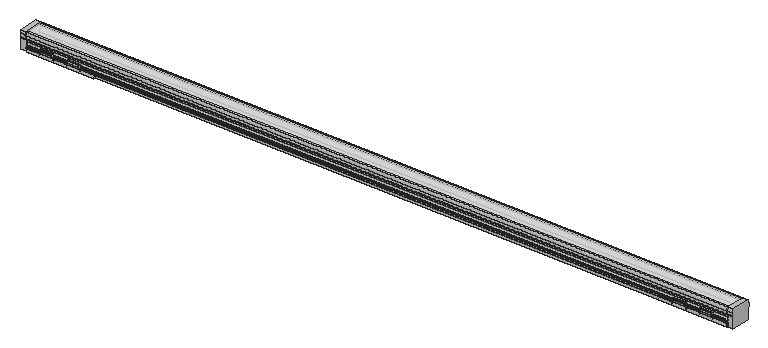
Revit family "Lighting - Luminii - Stenos - Ambient Track Module - Array", category Lighting Fixtures, host Face, Revit 2020
Family settings
  Host = Face
  Round Connector Dimension = Use Diameter
  Part Type = Normal
  OmniClass Number = 23.80.70.11.14.21
  OmniClass Title = Spots and Tracklight Specialties
  Cut with Voids When Loaded = No
  Light Source = No
  Shared = Yes
  Room Calculation Point = No
Parameters (values of type "Stenos Ambient Track - 24"")
  Width = 87/128"  # constant formula
  Wattage Comments = "5.5 W"
  Warranty URL = "https://www.luminii.com/terms-conditions/"
  Voltage Comments = "120VAC - 277VAC"  # constant formula
  Voltage = 120 V
  Version = "2020 - v1.0a"  # constant formula
  URL = "https://www.luminii.com/"
  Support Phone = "224-699-9545"  # constant formula
  Support Email = "mailto:support@bimsmith.com"
  Product Page URL = "https://www.luminii.com/product/stenos-ambient-track-module/"
  Product Name = "Stenos Ambient Module"  # constant formula
  Product Documentation Link = "https://www.luminii.com/wp-content/uploads/z_special_catalog_products/products/stenos-ambient-track-module/specsheets/Stenos-Ambient-Module-specification.pdf"
  Power Source Type = "Driver"  # constant formula
  Power Factor = 1
  Phase = 1
  Operating Temperature = "Consult Manufacturer Website for more Information"  # constant formula
  Number of Poles = if(and(or(Voltage = 120 V, Voltage = 277 V), Phase = 1), 1, if(and(or(Voltage = 208 V, Voltage = 240 V), Phase = 1), 2, if(and(or(Voltage = 208 V, Voltage = 240 V), Phase = 3), 3, if(and(Voltage > 300 V, Phase = 1), 2, if(and(Voltage > 400 V, Phase = 3), 3, 1)))))  # 1
  Mounting Method = "Surface Mount"  # constant formula
  Model = "SMA"
  Manufacturer Phone Number = "224-333-6033"  # constant formula
  Manufacturer Email = "mailto:info@luminii.com"
  Manufacturer Address = "7777 N Merrimac Ave, Niles, IL 60714"  # constant formula
  Manufacturer = "Luminii"  # constant formula
  Lumen Output = "475 lm"
  Load Classification = Lighting
  Lens Material = Plastic - Luminii - Frosted Lens
  Length Comments [instance] = "Perfomance based on 1\" Photometric Web File"  # constant formula
  Length [instance] = if(Constraints = 1, 24 97/256", 48")  # 24 97/256"
  Lamp Life = 1
  Lamp = "LED"  # constant formula
  Keynote = "26 50 00"
  Instruction Sheet Link = "https://www.luminii.com/wp-content/uploads/z_special_catalog_products/products/stenos-ambient-track-module/specsheets/Stenos-Ambient-Module-specification.pdf"
  Initial Color Comments = "Perfomance based on 3000K Photometric Web File"  # constant formula
  Housing Protection Rating = "IP20 Dry/IP66 Wet Series"  # constant formula
  Has Dimming = 1 = 1  # yes
  Has Battery Backup = 0 = 1  # no
  Frequency Comments = ""  # constant formula
  Frequency = 60 Hz
  Finish = Metal - Luminii - Silver Anodized Aluminum
  Environment = "Indoor"  # constant formula
  Description = "Track System"  # constant formula
  Depth = 169/256"  # constant formula
  Default Elevation = 0"  # constant formula
  Current Amps = 50 A
  Copyright = "©2023 Luminii"  # constant formula
  Constraints = 1
  built-in parameter 1114216 [instance] = 0  # (empty or 0)
  built-in parameter 1140040 [instance] = 1 = 1  # 1
  CCT = "3000K"
  C Lengh Mid [instance] = Length / 2  # 12.18945"
  C LED Number [instance] = Length / 1"  # 24
  C End Caps Width = 23" / 128  # 23/128"
  C 48in = Constraints = 2  # no
  C 24in = Constraints = 1  # yes
  Assembly Code = "D5020230"
  Apparent Load = 5.5 VA
Types (2): name | Wattage Comments | Lumen Output | Length | Constraints | C Lengh Mid | C LED Number | C 48in | C 24in | Apparent Load
  Stenos Ambient Track - 24" | "5.5 W" | "475 lm" | 24 97/256" | 1 | 12.18945" | 24 | no | yes | 5.5 VA
  Stenos Ambient Track - 48" | "11 W" | "950 lm" | 48" | 2 | 24" | 48 | yes | no | 11 VA
Reference planes (in)
  plane 1 "Center (Front/Back)": y = 0
  plane 2: z = 0
  plane 3 "Center (Left/Right)": x = 0
  plane 4: x = -12.18945
  plane 5: x = 12.18945
  plane 6: y = 0.33984
  plane 7: y = -0.33984
  plane 8: z = 0.66124
  plane 9: x = -12.00977
  plane 10: x = 12.00977
Forms (in)
  Extrusion 1, solid, material "Metal - Luminii - Silver Anodized Aluminum", not visible
    sketch origin (0, 0, 0) x (1, 0, 0) y (0, 1, 0)
      loop
        circle (0, 0) r 0.5
    from 0 to -0.17225
Lines and regions (in)
  reference lines
    curve 1: line (-12.18945, 10.16716, 0) -> (-12.18945, -5.83284, 0)
    curve 2: line (12.18945, 10.16716, 0) -> (12.18945, -5.83284, 0)
Dimensions and locks (in)
  equal spacing: plane 4, plane 3 "Center (Left/Right)", plane 5
  equal spacing: plane 6, plane 1 "Center (Front/Back)", plane 7
  "Width": plane 6 to plane 7
  "C End Caps Width": plane 10 to plane 5
  "C End Caps Width": plane 4 to plane 9
  equal spacing: group 1, group 3, group 4, group 5, group 6, group 7, group 8, group 9, group 10, group 11, group 12, group 13, group 14, group 15, group 16, group 17, group 18, group 19, group 20, group 21, group 22, group 23, group 24, group 2  (x3)
  "C Lengh Mid": plane 4 to plane 3 "Center (Left/Right)"
  "C Lengh Mid": plane 3 "Center (Left/Right)" to plane 5
  equal spacing: curve 1, plane 3 "Center (Left/Right)", curve 2
  "Length": curve 1 to curve 2
  aligned and locked: plane 2 to host face
  aligned and locked: plane 3 "Center (Left/Right)" to Extrusion 1 sketch curve
  aligned and locked: plane 1 "Center (Front/Back)" to Extrusion 1 sketch curve
  aligned and locked: plane 2 to Extrusion 1  (x2)
  aligned and locked: plane 2 to nested 1
  aligned and locked: plane 1 "Center (Front/Back)" to nested 1
  aligned and locked: plane 2 to nested 2
  aligned and locked: plane 1 "Center (Front/Back)" to nested 2
  aligned and locked: plane 3 "Center (Left/Right)" to nested 4
  aligned and locked: plane 1 "Center (Front/Back)" to nested 4
  aligned and locked: plane 3 "Center (Left/Right)" to nested 3
  aligned and locked: plane 1 "Center (Front/Back)" to nested 3
  aligned and locked: nested 1 to curve 1
  aligned and locked: nested 2 to curve 2
Automatic sketch dimensions
  host sketch curve to host sketch curve = 96"  (x2)
  curve 1 to plane 7 = 5.49299"
  curve 2 to plane 7 = 5.49299"
  plane 6 to curve 2 = 9.82732"
  plane 6 to curve 1 = 9.82732"
  radius of Extrusion 1 sketch curve = 1/2"
Nested families (in)
  nested 1: "Lighting - Luminii - Stenos - Ambient Track Module - Nested Light Source" at (-11.68945, 0, 0), type "Default"
    with Length Comments "Perfomance based on 1\" Photometric Web File", Length 1", built-in parameter 1114216 (empty or 0), built-in parameter 1140040 1
  nested 2: "Lighting - Luminii - Stenos - Ambient Track Module - Nested Light Source" at (11.68945, 0, 0), type "Default"
    with Length Comments "Perfomance based on 1\" Photometric Web File", Length 1", built-in parameter 1114216 (empty or 0), built-in parameter 1140040 1
  nested 3: "Nested Light Geometry 48"" at (0, 0, 0), visible <- "C 48in", type "Default"
    with Length Comments "Perfomance based on 1\" Photometric Web File", Length 48", built-in parameter 1114216 (empty or 0), built-in parameter 1140040 1, C Lengh Mid 24", C LED Number 48
  nested 4: "Nested Light Geometry 24"" at (0, 0, 0), visible <- "C 24in", type "Default"
    with Length Comments "Perfomance based on 1\" Photometric Web File", Length 24 97/256", built-in parameter 1114216 (empty or 0), built-in parameter 1140040 1, C Lengh Mid 12.18945", C LED Number 24
  nested 5: "Lighting - Luminii - Stenos - Ambient Track Module - Nested Light Source" at (-10.67298, 0, 0), type "Default"
    with Length Comments "Perfomance based on 1\" Photometric Web File", Length 1", built-in parameter 1114216 (empty or 0), built-in parameter 1140040 1
  nested 6: "Lighting - Luminii - Stenos - Ambient Track Module - Nested Light Source" at (-9.6565, 0, 0), type "Default"
    with Length Comments "Perfomance based on 1\" Photometric Web File", Length 1", built-in parameter 1114216 (empty or 0), built-in parameter 1140040 1
  nested 7: "Lighting - Luminii - Stenos - Ambient Track Module - Nested Light Source" at (-8.64003, 0, 0), type "Default"
    with Length Comments "Perfomance based on 1\" Photometric Web File", Length 1", built-in parameter 1114216 (empty or 0), built-in parameter 1140040 1
  nested 8: "Lighting - Luminii - Stenos - Ambient Track Module - Nested Light Source" at (-7.62356, 0, 0), type "Default"
    with Length Comments "Perfomance based on 1\" Photometric Web File", Length 1", built-in parameter 1114216 (empty or 0), built-in parameter 1140040 1
  nested 9: "Lighting - Luminii - Stenos - Ambient Track Module - Nested Light Source" at (-6.60708, 0, 0), type "Default"
    with Length Comments "Perfomance based on 1\" Photometric Web File", Length 1", built-in parameter 1114216 (empty or 0), built-in parameter 1140040 1
  nested 10: "Lighting - Luminii - Stenos - Ambient Track Module - Nested Light Source" at (-5.59061, 0, 0), type "Default"
    with Length Comments "Perfomance based on 1\" Photometric Web File", Length 1", built-in parameter 1114216 (empty or 0), built-in parameter 1140040 1
  nested 11: "Lighting - Luminii - Stenos - Ambient Track Module - Nested Light Source" at (-4.57413, 0, 0), type "Default"
    with Length Comments "Perfomance based on 1\" Photometric Web File", Length 1", built-in parameter 1114216 (empty or 0), built-in parameter 1140040 1
  nested 12: "Lighting - Luminii - Stenos - Ambient Track Module - Nested Light Source" at (-3.55766, 0, 0), type "Default"
    with Length Comments "Perfomance based on 1\" Photometric Web File", Length 1", built-in parameter 1114216 (empty or 0), built-in parameter 1140040 1
  nested 13: "Lighting - Luminii - Stenos - Ambient Track Module - Nested Light Source" at (-2.54119, 0, 0), type "Default"
    with Length Comments "Perfomance based on 1\" Photometric Web File", Length 1", built-in parameter 1114216 (empty or 0), built-in parameter 1140040 1
  nested 14: "Lighting - Luminii - Stenos - Ambient Track Module - Nested Light Source" at (-1.52471, 0, 0), type "Default"
    with Length Comments "Perfomance based on 1\" Photometric Web File", Length 1", built-in parameter 1114216 (empty or 0), built-in parameter 1140040 1
  nested 15: "Lighting - Luminii - Stenos - Ambient Track Module - Nested Light Source" at (-0.50824, 0, 0), type "Default"
    with Length Comments "Perfomance based on 1\" Photometric Web File", Length 1", built-in parameter 1114216 (empty or 0), built-in parameter 1140040 1
  nested 16: "Lighting - Luminii - Stenos - Ambient Track Module - Nested Light Source" at (0.50824, 0, 0), type "Default"
    with Length Comments "Perfomance based on 1\" Photometric Web File", Length 1", built-in parameter 1114216 (empty or 0), built-in parameter 1140040 1
  nested 17: "Lighting - Luminii - Stenos - Ambient Track Module - Nested Light Source" at (1.52471, 0, 0), type "Default"
    with Length Comments "Perfomance based on 1\" Photometric Web File", Length 1", built-in parameter 1114216 (empty or 0), built-in parameter 1140040 1
  nested 18: "Lighting - Luminii - Stenos - Ambient Track Module - Nested Light Source" at (2.54119, 0, 0), type "Default"
    with Length Comments "Perfomance based on 1\" Photometric Web File", Length 1", built-in parameter 1114216 (empty or 0), built-in parameter 1140040 1
  nested 19: "Lighting - Luminii - Stenos - Ambient Track Module - Nested Light Source" at (3.55766, 0, 0), type "Default"
    with Length Comments "Perfomance based on 1\" Photometric Web File", Length 1", built-in parameter 1114216 (empty or 0), built-in parameter 1140040 1
  nested 20: "Lighting - Luminii - Stenos - Ambient Track Module - Nested Light Source" at (4.57413, 0, 0), type "Default"
    with Length Comments "Perfomance based on 1\" Photometric Web File", Length 1", built-in parameter 1114216 (empty or 0), built-in parameter 1140040 1
  nested 21: "Lighting - Luminii - Stenos - Ambient Track Module - Nested Light Source" at (5.59061, 0, 0), type "Default"
    with Length Comments "Perfomance based on 1\" Photometric Web File", Length 1", built-in parameter 1114216 (empty or 0), built-in parameter 1140040 1
  nested 22: "Lighting - Luminii - Stenos - Ambient Track Module - Nested Light Source" at (6.60708, 0, 0), type "Default"
    with Length Comments "Perfomance based on 1\" Photometric Web File", Length 1", built-in parameter 1114216 (empty or 0), built-in parameter 1140040 1
  nested 23: "Lighting - Luminii - Stenos - Ambient Track Module - Nested Light Source" at (7.62356, 0, 0), type "Default"
    with Length Comments "Perfomance based on 1\" Photometric Web File", Length 1", built-in parameter 1114216 (empty or 0), built-in parameter 1140040 1
  nested 24: "Lighting - Luminii - Stenos - Ambient Track Module - Nested Light Source" at (8.64003, 0, 0), type "Default"
    with Length Comments "Perfomance based on 1\" Photometric Web File", Length 1", built-in parameter 1114216 (empty or 0), built-in parameter 1140040 1
  nested 25: "Lighting - Luminii - Stenos - Ambient Track Module - Nested Light Source" at (9.6565, 0, 0), type "Default"
    with Length Comments "Perfomance based on 1\" Photometric Web File", Length 1", built-in parameter 1114216 (empty or 0), built-in parameter 1140040 1
  nested 26: "Lighting - Luminii - Stenos - Ambient Track Module - Nested Light Source" at (10.67298, 0, 0), type "Default"
    with Length Comments "Perfomance based on 1\" Photometric Web File", Length 1", built-in parameter 1114216 (empty or 0), built-in parameter 1140040 1
Connectors (in)
  electrical at (0, 0, 0), driven by "Number of Poles", driven by "Load Classification", driven by "Voltage", driven by "Apparent Load", driven by "Power Factor"
    settings: on Extrusion 1, index 1, voltage 120 V, apparent load 5.5 VA, apparent load phase1 0 VA, apparent load phase2 0 VA, apparent load phase3 0 VA, power factor 1, load classification "Lighting", number of poles 1, system type 30, power factor state 1, is connector primary yes, connector utility no, sub classification motor no, connector description "Power Connection"
Definition of nested family "Nested Light Geometry 48""
  Parameters (values of type "Default")
    Width = 87/128"  # constant formula
    Wattage Comments = "5.5 W"
    Warranty URL = "https://www.luminii.com/terms-conditions/"
    Voltage Comments = "120VAC - 277VAC"  # constant formula
    Voltage = 120 V
    Version = "2020 - v1.0a"  # constant formula
    URL = "https://www.luminii.com/"
    Support Phone = "224-699-9545"  # constant formula
    Support Email = "mailto:support@bimsmith.com"
    Product Page URL = "https://www.luminii.com/product/stenos-ambient-track-module/"
    Product Name = "Stenos Ambient Module"  # constant formula
    Product Documentation Link = "https://www.luminii.com/wp-content/uploads/z_special_catalog_products/products/stenos-ambient-track-module/specsheets/Stenos-Ambient-Module-specification.pdf"
    Power Source Type = "Driver"  # constant formula
    Power Factor = 1
    Phase = 1
    Operating Temperature = "Consult Manufacturer Website for more Information"  # constant formula
    Number of Poles = if(and(or(Voltage = 120 V, Voltage = 277 V), Phase = 1), 1, if(and(or(Voltage = 208 V, Voltage = 240 V), Phase = 1), 2, if(and(or(Voltage = 208 V, Voltage = 240 V), Phase = 3), 3, if(and(Voltage > 300 V, Phase = 1), 2, if(and(Voltage > 400 V, Phase = 3), 3, 1)))))  # 1
    Mounting Method = "Surface Mount"  # constant formula
    Model = "SMA"
    Manufacturer Phone Number = "224-333-6033"  # constant formula
    Manufacturer Email = "mailto:info@luminii.com"
    Manufacturer Address = "7777 N Merrimac Ave, Niles, IL 60714"  # constant formula
    Manufacturer = "Luminii"  # constant formula
    Lumen Output = "475 lm"
    Load Classification = none
    Lens Material = none
    Length Comments [instance] = "Perfomance based on 1\" Photometric Web File"  # constant formula
    Length [instance] = if(Constraints = 1, 24 97/256", 48")  # 48"
    Lamp Life = 1
    Lamp = "LED"  # constant formula
    Keynote = "26 50 00"
    Instruction Sheet Link = "https://www.luminii.com/wp-content/uploads/z_special_catalog_products/products/stenos-ambient-track-module/specsheets/Stenos-Ambient-Module-specification.pdf"
    Initial Color Comments = "Perfomance based on 3000K Photometric Web File"  # constant formula
    Housing Protection Rating = "IP20 Dry/IP66 Wet Series"  # constant formula
    Has Dimming = 1 = 1  # yes
    Has Battery Backup = 0 = 1  # no
    Frequency Comments = ""  # constant formula
    Frequency = 60 Hz
    Finish = none
    Environment = "Indoor"  # constant formula
    Description = "Track System"  # constant formula
    Depth = 169/256"  # constant formula
    Default Elevation = 0"  # constant formula
    Current Amps = 50 A
    Copyright = "©2023 Luminii"  # constant formula
    Constraints = 2
    built-in parameter 1114216 [instance] = 0  # (empty or 0)
    built-in parameter 1140040 [instance] = 1 = 1  # 1
    CCT = "3000K"
    C Lengh Mid [instance] = Length / 2  # 24"
    C LED Number [instance] = Length / 1"  # 48
    C End Caps Width = 23" / 128  # 23/128"
    Assembly Code = "D5020230"
    Apparent Load = 5.5 VA
  Reference planes (in)
    plane 1 "Center (Front/Back)": y = 0
    plane 2: z = 0
    plane 3 "Center (Left/Right)": x = 0
    plane 4: x = -24
    plane 5: x = 24
    plane 6: y = 0.33984
    plane 7: y = -0.33984
    plane 8: z = 0.66124
    plane 9: x = -23.82031
    plane 10: x = 23.82031
  Forms (in)
    Extrusion 1, solid
      sketch origin (0, 0, 0) x (1, 0, 0) y (0, 1, 0)
        loop
          line (-48, 48) -> (-48, -48) -> (48, -48) -> (48, 48) -> (-48, 48)
      from 0 to -12
    Extrusion 2, solid, not visible
      sketch origin (0, 0, 0) x (1, 0, 0) y (0, 1, 0)
        loop
          circle (0, 0) r 0.5
      from 0 to -0.17225
    Sweep 3, solid, material <- "Finish"
      path origin (0, 0, 0) x (1, 0, 0) y (0, 1, 0)
        loop
          line (-23.82031, 0) -> (23.82031, 0)
      profile origin (0, 0, 0) x (0, 1, 0) y (0, 0, 1)
        loop
          line (0.26322, 0.66124) -> (0.2525, 0.62124) -> (0.2975, 0.62124) -> (0.2975, 0.58624) -> (0.2525, 0.58624) -> (0.244, 0.39156) -> (0.244, 0.22524) -> (-0.244, 0.22524) -> (-0.244, 0.39156) -> (-0.2525, 0.58624) -> (-0.2975, 0.58624) -> (-0.2975, 0.62124) -> (-0.2525, 0.62124) -> (-0.26322, 0.66124) -> (-0.318, 0.66124)
          arc (-0.318, 0.66124) -> (-0.33482, 0.60709) -> (-0.3405, 0.55066) r 0.283
          line (-0.3405, 0.55066) -> (-0.3405, 0.45124) -> (-0.3065, 0.39235) -> (-0.3065, 0.32615)
          arc (-0.3065, 0.32615) -> (-0.28227, 0.28497) -> (-0.3065, 0.2438) r 0.0471
          line (-0.3065, 0.2438) -> (-0.3065, 0.21001) -> (-0.2695, 0.16124) -> (-0.2695, 0.12179) -> (-0.3065, 0.12179) -> (-0.3065, 0.04724) -> (0.3065, 0.04724) -> (0.3065, 0.12179) -> (0.2695, 0.12179) -> (0.2695, 0.16124) -> (0.3065, 0.21001) -> (0.3065, 0.2438)
          arc (0.3065, 0.2438) -> (0.28227, 0.28497) -> (0.3065, 0.32615) r 0.0471
          line (0.3065, 0.32615) -> (0.3065, 0.39235) -> (0.3405, 0.45124) -> (0.3405, 0.55066)
          arc (0.3405, 0.55066) -> (0.33482, 0.60709) -> (0.318, 0.66124) r 0.283
          line (0.318, 0.66124) -> (0.26322, 0.66124)
    Sweep 4, solid, material <- "Lens Material"
      path origin (0, 0, 0) x (1, 0, 0) y (0, 1, 0)
        loop
          line (-23.82031, 0) -> (23.82031, 0)
      profile origin (0, 0, 0) x (0, 1, 0) y (0, 0, 1)
        loop
          line (-0.25533, 0.60624) -> (0.25533, 0.60624) -> (0.2875, 0.62124) -> (-0.2875, 0.62124) -> (-0.25533, 0.60624)
    Sweep 5, solid, material <- "Finish"
      path origin (0, 0, 0) x (1, 0, 0) y (0, 1, 0)
        loop
          line (-23.82031, 0) -> (-24, 0)
      profile origin (-23.91016, 0, 0) x (0, -1, 0) y (0, 0, 1)
        loop
          arc (-0.318, 0.66124) -> (-0.33482, 0.60709) -> (-0.3405, 0.55066) r 0.283
          line (-0.3405, 0.55066) -> (-0.3405, 0.45124) -> (-0.3065, 0.39235) -> (-0.3065, 0.04724) -> (0.3065, 0.04724) -> (0.3065, 0.39235) -> (0.3405, 0.45124) -> (0.3405, 0.55066)
          arc (0.3405, 0.55066) -> (0.33482, 0.60709) -> (0.318, 0.66124) r 0.283
          line (0.318, 0.66124) -> (-0.318, 0.66124)
    Sweep 6, solid, material <- "Finish"
      path origin (0, 0, 0) x (-1, 0, 0) y (0, 1, 0)
        loop
          line (-23.82031, 0) -> (-24, 0)
      profile origin (23.91016, 0, 0) x (0, 1, 0) y (0, 0, 1)
        loop
          arc (-0.318, 0.66124) -> (-0.33482, 0.60709) -> (-0.3405, 0.55066) r 0.283
          line (-0.3405, 0.55066) -> (-0.3405, 0.45124) -> (-0.3065, 0.39235) -> (-0.3065, 0.04724) -> (0.3065, 0.04724) -> (0.3065, 0.39235) -> (0.3405, 0.45124) -> (0.3405, 0.55066)
          arc (0.3405, 0.55066) -> (0.33482, 0.60709) -> (0.318, 0.66124) r 0.283
          line (0.318, 0.66124) -> (-0.318, 0.66124)
  Dimensions and locks (in)
    equal spacing: plane 4, plane 3 "Center (Left/Right)", plane 5
    equal spacing: plane 6, plane 1 "Center (Front/Back)", plane 7
    "Width": plane 6 to plane 7
    "C End Caps Width": plane 10 to plane 5
    "C End Caps Width": plane 4 to plane 9
    locked: plane 4 to nested 1 at 0.19691
    locked: nested 2 to plane 5 at 0.19691
    "Length": plane 4 to plane 5
    aligned and locked: plane 2 to Extrusion 1
    aligned and locked: plane 3 "Center (Left/Right)" to Extrusion 2 sketch curve
    aligned and locked: plane 1 "Center (Front/Back)" to Extrusion 2 sketch curve
    aligned and locked: plane 2 to Extrusion 2  (x2)
    aligned and locked: plane 9 to Sweep 3 sketch curve
    aligned and locked: plane 1 "Center (Front/Back)" to Sweep 3 sketch curve
    aligned and locked: plane 10 to Sweep 3 sketch curve
    aligned and locked: plane 1 "Center (Front/Back)" to Sweep 4 sketch curve
    aligned and locked: plane 10 to Sweep 4 sketch curve
    aligned and locked: plane 9 to Sweep 4 sketch curve
    aligned and locked: Sweep 5 sketch curve to plane 1 "Center (Front/Back)"
    aligned and locked: plane 9 to Sweep 5 sketch curve
    aligned and locked: plane 4 to Sweep 5 sketch curve
    aligned and locked: plane 10 to Sweep 6 sketch curve
    aligned and locked: plane 5 to Sweep 6 sketch curve
    aligned and locked: plane 1 "Center (Front/Back)" to Sweep 6 sketch curve
    aligned and locked: plane 1 "Center (Front/Back)" to nested 1
    aligned and locked: nested 2 to plane 1 "Center (Front/Back)"
  Automatic sketch dimensions
    Extrusion 1 sketch curve to Extrusion 1 sketch curve = 96"  (x2)
    profile plane to Sweep 5 sketch curve = 0.3405"
    Sweep 5 sketch curve to Sweep 5 sketch curve = 0.0225"
    Sweep 5 sketch curve to Sweep 5 sketch curve = 0.034"  (x2)
    profile plane to Sweep 5 sketch curve = 0.0575"
    Sweep 5 sketch curve to profile plane = 0.0575"
    level to Sweep 5 sketch curve = 0.04724"
    Sweep 5 sketch curve to profile plane = 0.3065"
    Sweep 5 sketch curve to Sweep 5 sketch curve = 0.0115"
    Sweep 5 sketch curve to Sweep 5 sketch curve = 0.34511"  (x2)
    Sweep 5 sketch curve to Sweep 5 sketch curve = 0.05889"  (x2)
    Sweep 5 sketch curve to Sweep 5 sketch curve = 0.09942"
    profile plane to Sweep 6 sketch curve = 0.3405"
    Sweep 6 sketch curve to Sweep 6 sketch curve = 0.0225"
    Sweep 6 sketch curve to Sweep 6 sketch curve = 0.034"  (x2)
    profile plane to Sweep 6 sketch curve = 0.0575"
    Sweep 6 sketch curve to profile plane = 0.0575"
    Sweep 6 sketch curve to Sweep 6 sketch curve = 0.249"
    Sweep 6 sketch curve to Sweep 6 sketch curve = 0.0115"
    level to Sweep 6 sketch curve = 0.04724"
    Sweep 6 sketch curve to Sweep 6 sketch curve = 0.34511"  (x2)
    Sweep 6 sketch curve to Sweep 6 sketch curve = 0.05889"  (x2)
    Sweep 6 sketch curve to Sweep 6 sketch curve = 0.09942"
    profile plane to Sweep 4 sketch curve = 0.2875"
    Sweep 4 sketch curve to Sweep 4 sketch curve = 0.03217"  (x2)
    Sweep 4 sketch curve to profile plane = 0.2875"
    level to Sweep 4 sketch curve = 0.60624"
    Sweep 4 sketch curve to Sweep 4 sketch curve = 0.015"
    profile plane to Sweep 3 sketch curve = 0.3405"
    Sweep 3 sketch curve to Sweep 3 sketch curve = 0.01113"
    Sweep 3 sketch curve to Sweep 3 sketch curve = 0.0225"
    Sweep 3 sketch curve to Sweep 3 sketch curve = 0.02287"  (x4)
    Sweep 3 sketch curve to Sweep 3 sketch curve = 0.0205"  (x2)
    Sweep 3 sketch curve to Sweep 3 sketch curve = 0.037"  (x2)
    Sweep 3 sketch curve to Sweep 3 sketch curve = 0.03428"
    Sweep 3 sketch curve to Sweep 3 sketch curve = 0.045"  (x2)
    Sweep 3 sketch curve to Sweep 3 sketch curve = 0"  (x3)
    Sweep 3 sketch curve to Sweep 3 sketch curve = 1/16"  (x3)
    profile plane to Sweep 3 sketch curve = 0.0575"
    Sweep 3 sketch curve to profile plane = 0.0575"
    Sweep 3 sketch curve to profile plane = 0.244"
    Sweep 3 sketch curve to Sweep 3 sketch curve = 0.0085"
    Sweep 3 sketch curve to Sweep 3 sketch curve = 0.01072"
    Sweep 3 sketch curve to Sweep 3 sketch curve = 0.0255"
    Sweep 3 sketch curve to Sweep 3 sketch curve = 0.043"
    level to Sweep 3 sketch curve = 0.04724"
    Sweep 3 sketch curve to Sweep 3 sketch curve = 0.07454"  (x2)
    Sweep 3 sketch curve to Sweep 3 sketch curve = 0.03946"  (x2)
    Sweep 3 sketch curve to Sweep 3 sketch curve = 0.04876"  (x2)
    Sweep 3 sketch curve to Sweep 3 sketch curve = 0.01524"
    Sweep 3 sketch curve to Sweep 3 sketch curve = 0.03379"  (x2)
    Sweep 3 sketch curve to Sweep 3 sketch curve = 0.04117"  (x2)
    Sweep 3 sketch curve to Sweep 3 sketch curve = 0.06541"  (x2)
    Sweep 3 sketch curve to Sweep 3 sketch curve = 0.00079"  (x2)
    Sweep 3 sketch curve to Sweep 3 sketch curve = 0.05889"  (x2)
    Sweep 3 sketch curve to Sweep 3 sketch curve = 0.1591"
    Sweep 3 sketch curve to Sweep 3 sketch curve = 0.075"  (x2)
    Sweep 3 sketch curve to Sweep 3 sketch curve = 0.035"  (x2)
    radius of Extrusion 2 sketch curve = 1/2"
  Nested families (in)
    nested 1: "Family1" at (-21.48026, 0, 0) x (0, -1, 0) z (0, 0, 1), type "Family1"
    nested 2: "Family1" at (21.48026, 0, 0) x (0, -1, 0) z (0, 0, 1), type "Family1"
  Connectors (in)
    electrical at (0, 0, 0), driven by "Number of Poles", driven by "Load Classification", driven by "Voltage", driven by "Apparent Load", driven by "Power Factor"
      settings: on Extrusion 2, index 1, voltage 120 V, apparent load 5.5 VA, apparent load phase1 0 VA, apparent load phase2 0 VA, apparent load phase3 0 VA, power factor 1, load classification none, number of poles 1, system type 30, power factor state 1, is connector primary yes, connector utility no, sub classification motor no, connector description "Power Connection"
  Definition of nested family "Family1"
    Parameters
      Finish = none
      Default Elevation = 0"
    Reference planes (in)
      plane 1 "Center (Front/Back)": y = 0
      plane 2: z = 0
      plane 3 "Center (Left/Right)": x = 0
    Forms (in)
      Extrusion 1, void
        sketch origin (0, 0, 0) x (0, 1, 0) y (0, 0, 1)
          loop
            line (0, 0.0374) -> (0, 0.16908) -> (-0.44488, 0.16908) -> (-0.44488, 0.12355)
            arc (-0.44488, 0.12355) -> (-0.46457, 0.10387) -> (-0.48425, 0.12355) r 0.01969
            line (-0.48425, 0.12355) -> (-0.48425, 0.28999) -> (-0.90945, 0.28999) -> (-0.90945, 0.12355)
            arc (-0.90945, 0.12355) -> (-0.92913, 0.10387) -> (-0.94882, 0.12355) r 0.01969
            line (-0.94882, 0.12355) -> (-0.94882, 0.16908) -> (-1.37402, 0.16908) -> (-1.37402, 0.12355)
            arc (-1.37402, 0.12355) -> (-1.3937, 0.10387) -> (-1.41339, 0.12355) r 0.01969
            line (-1.41339, 0.12355) -> (-1.41339, 0.28999) -> (-1.83858, 0.28999) -> (-1.83858, 0.12355)
            arc (-1.83858, 0.12355) -> (-1.85827, 0.10387) -> (-1.87795, 0.12355) r 0.01969
            line (-1.87795, 0.12355) -> (-1.87795, 0.16908) -> (-2.32283, 0.16908) -> (-2.32283, 0.0374) -> (0, 0.0374)
          loop
            line (0.17766, 0.5916) -> (-2.4694, 0.5916) -> (-2.4694, -0.1584) -> (0.17766, -0.1584) -> (0.17766, 0.5916)
        from -0.94477 to 0.67551
      Extrusion 2, solid, material <- "Finish"
        sketch origin (0, 0, 0) x (1, 0, 0) y (0, 0, 1)
          loop
            line (-0.30328, 0.30445) -> (-0.33166, 0.28999) -> (-0.355, 0.26665)
            arc (-0.355, 0.26665) -> (-0.36382, 0.24389) -> (-0.36167, 0.21958) r 0.05378
            line (-0.36167, 0.21958) -> (-0.31806, 0.14404) -> (-0.32552, 0.0374) -> (0.32552, 0.0374) -> (0.31806, 0.14404) -> (0.36167, 0.21958)
            arc (0.36167, 0.21958) -> (0.36382, 0.24389) -> (0.355, 0.26665) r 0.05378
            line (0.355, 0.26665) -> (0.33166, 0.28999) -> (0.30328, 0.30445) -> (0.34804, 0.2597)
            arc (0.34804, 0.2597) -> (0.35449, 0.2387) -> (0.34906, 0.21741) r 0.04062
            line (0.34906, 0.21741) -> (0.30803, 0.14636) -> (0.31496, 0.04724) -> (-0.31496, 0.04724) -> (-0.30803, 0.14636) -> (-0.34906, 0.21741)
            arc (-0.34906, 0.21741) -> (-0.35449, 0.2387) -> (-0.34804, 0.2597) r 0.04062
            line (-0.34804, 0.2597) -> (-0.30328, 0.30445)
        from 0 to 2.32283
      Extrusion 3, solid, material <- "Finish"
        sketch origin (-0.31945, 0, 0.0374) x (0, -1, 0) y (-1, 0, 0)
          loop
            line (1.90977, -0.54614) -> (1.90977, -0.09275) -> (1.73196, -0.09275) -> (1.73196, -0.54614) -> (1.90977, -0.54614)
        from 0 to 0.0374
      Extrusion 4, solid, material <- "Finish"
        sketch origin (-0.31945, 0, 0.0374) x (0, -1, 0) y (-1, 0, 0)
          loop
            circle (1.82087, -0.31945) r 0.03176
          loop
            circle (1.82087, -0.46648) r 0.03176
        from 0.10161 to 0.0374
    Cuts and joins
      Extrusion 1 cuts Extrusion 2
    Dimensions and locks (in)
      aligned and locked: plane 2 to level
Definition of nested family "Nested Light Geometry 24""
  Parameters (values of type "Default")
    Width = 87/128"  # constant formula
    Wattage Comments = "5.5 W"
    Warranty URL = "https://www.luminii.com/terms-conditions/"
    Voltage Comments = "120VAC - 277VAC"  # constant formula
    Voltage = 120 V
    Version = "2020 - v1.0a"  # constant formula
    URL = "https://www.luminii.com/"
    Support Phone = "224-699-9545"  # constant formula
    Support Email = "mailto:support@bimsmith.com"
    Product Page URL = "https://www.luminii.com/product/stenos-ambient-track-module/"
    Product Name = "Stenos Ambient Module"  # constant formula
    Product Documentation Link = "https://www.luminii.com/wp-content/uploads/z_special_catalog_products/products/stenos-ambient-track-module/specsheets/Stenos-Ambient-Module-specification.pdf"
    Power Source Type = "Driver"  # constant formula
    Power Factor = 1
    Phase = 1
    Operating Temperature = "Consult Manufacturer Website for more Information"  # constant formula
    Number of Poles = if(and(or(Voltage = 120 V, Voltage = 277 V), Phase = 1), 1, if(and(or(Voltage = 208 V, Voltage = 240 V), Phase = 1), 2, if(and(or(Voltage = 208 V, Voltage = 240 V), Phase = 3), 3, if(and(Voltage > 300 V, Phase = 1), 2, if(and(Voltage > 400 V, Phase = 3), 3, 1)))))  # 1
    Mounting Method = "Surface Mount"  # constant formula
    Model = "SMA"
    Manufacturer Phone Number = "224-333-6033"  # constant formula
    Manufacturer Email = "mailto:info@luminii.com"
    Manufacturer Address = "7777 N Merrimac Ave, Niles, IL 60714"  # constant formula
    Manufacturer = "Luminii"  # constant formula
    Lumen Output = "475 lm"
    Load Classification = none
    Lens Material = none
    Length Comments [instance] = "Perfomance based on 1\" Photometric Web File"  # constant formula
    Length [instance] = if(Constraints = 1, 24 97/256", 48")  # 24 97/256"
    Lamp Life = 1
    Lamp = "LED"  # constant formula
    Keynote = "26 50 00"
    Instruction Sheet Link = "https://www.luminii.com/wp-content/uploads/z_special_catalog_products/products/stenos-ambient-track-module/specsheets/Stenos-Ambient-Module-specification.pdf"
    Initial Color Comments = "Perfomance based on 3000K Photometric Web File"  # constant formula
    Housing Protection Rating = "IP20 Dry/IP66 Wet Series"  # constant formula
    Has Dimming = 1 = 1  # yes
    Has Battery Backup = 0 = 1  # no
    Frequency Comments = ""  # constant formula
    Frequency = 60 Hz
    Finish = none
    Environment = "Indoor"  # constant formula
    Description = "Track System"  # constant formula
    Depth = 169/256"  # constant formula
    Default Elevation = 0"  # constant formula
    Current Amps = 50 A
    Copyright = "©2023 Luminii"  # constant formula
    Constraints = 1
    built-in parameter 1114216 [instance] = 0  # (empty or 0)
    built-in parameter 1140040 [instance] = 1 = 1  # 1
    CCT = "3000K"
    C Lengh Mid [instance] = Length / 2  # 12.18945"
    C LED Number [instance] = Length / 1"  # 24
    C End Caps Width = 23" / 128  # 23/128"
    Assembly Code = "D5020230"
    Apparent Load = 5.5 VA
  Reference planes (in)
    plane 1 "Center (Front/Back)": y = 0
    plane 2: z = 0
    plane 3 "Center (Left/Right)": x = 0
    plane 4: x = -12.18945
    plane 5: x = 12.18945
    plane 6: y = 0.33984
    plane 7: y = -0.33984
    plane 8: z = 0.66124
    plane 9: x = -12.00977
    plane 10: x = 12.00977
  Forms (in)
    Extrusion 1, solid
      sketch origin (0, 0, 0) x (1, 0, 0) y (0, 1, 0)
        loop
          line (-48, 48) -> (-48, -48) -> (48, -48) -> (48, 48) -> (-48, 48)
      from 0 to -12
    Extrusion 2, solid, not visible
      sketch origin (0, 0, 0) x (1, 0, 0) y (0, 1, 0)
        loop
          circle (0, 0) r 0.5
      from 0 to -0.17225
    Sweep 3, solid, material <- "Finish"
      path origin (0, 0, 0) x (1, 0, 0) y (0, 1, 0)
        loop
          line (-12.00977, 0) -> (12.00977, 0)
      profile origin (0, 0, 0) x (0, 1, 0) y (0, 0, 1)
        loop
          line (0.26322, 0.66124) -> (0.2525, 0.62124) -> (0.2975, 0.62124) -> (0.2975, 0.58624) -> (0.2525, 0.58624) -> (0.244, 0.39156) -> (0.244, 0.22524) -> (-0.244, 0.22524) -> (-0.244, 0.39156) -> (-0.2525, 0.58624) -> (-0.2975, 0.58624) -> (-0.2975, 0.62124) -> (-0.2525, 0.62124) -> (-0.26322, 0.66124) -> (-0.318, 0.66124)
          arc (-0.318, 0.66124) -> (-0.33482, 0.60709) -> (-0.3405, 0.55066) r 0.283
          line (-0.3405, 0.55066) -> (-0.3405, 0.45124) -> (-0.3065, 0.39235) -> (-0.3065, 0.32615)
          arc (-0.3065, 0.32615) -> (-0.28227, 0.28497) -> (-0.3065, 0.2438) r 0.0471
          line (-0.3065, 0.2438) -> (-0.3065, 0.21001) -> (-0.2695, 0.16124) -> (-0.2695, 0.12179) -> (-0.3065, 0.12179) -> (-0.3065, 0.04724) -> (0.3065, 0.04724) -> (0.3065, 0.12179) -> (0.2695, 0.12179) -> (0.2695, 0.16124) -> (0.3065, 0.21001) -> (0.3065, 0.2438)
          arc (0.3065, 0.2438) -> (0.28227, 0.28497) -> (0.3065, 0.32615) r 0.0471
          line (0.3065, 0.32615) -> (0.3065, 0.39235) -> (0.3405, 0.45124) -> (0.3405, 0.55066)
          arc (0.3405, 0.55066) -> (0.33482, 0.60709) -> (0.318, 0.66124) r 0.283
          line (0.318, 0.66124) -> (0.26322, 0.66124)
    Sweep 4, solid, material <- "Lens Material"
      path origin (0, 0, 0) x (1, 0, 0) y (0, 1, 0)
        loop
          line (-12.00977, 0) -> (12.00977, 0)
      profile origin (0, 0, 0) x (0, 1, 0) y (0, 0, 1)
        loop
          line (-0.25533, 0.60624) -> (0.25533, 0.60624) -> (0.2875, 0.62124) -> (-0.2875, 0.62124) -> (-0.25533, 0.60624)
    Sweep 5, solid, material <- "Finish"
      path origin (0, 0, 0) x (1, 0, 0) y (0, 1, 0)
        loop
          line (-12.00977, 0) -> (-12.18945, 0)
      profile origin (-12.09961, 0, 0) x (0, -1, 0) y (0, 0, 1)
        loop
          arc (-0.318, 0.66124) -> (-0.33482, 0.60709) -> (-0.3405, 0.55066) r 0.283
          line (-0.3405, 0.55066) -> (-0.3405, 0.45124) -> (-0.3065, 0.39235) -> (-0.3065, 0.04724) -> (0.3065, 0.04724) -> (0.3065, 0.39235) -> (0.3405, 0.45124) -> (0.3405, 0.55066)
          arc (0.3405, 0.55066) -> (0.33482, 0.60709) -> (0.318, 0.66124) r 0.283
          line (0.318, 0.66124) -> (-0.318, 0.66124)
    Sweep 6, solid, material <- "Finish"
      path origin (0, 0, 0) x (-1, 0, 0) y (0, 1, 0)
        loop
          line (-12.00977, 0) -> (-12.18945, 0)
      profile origin (12.09961, 0, 0) x (0, 1, 0) y (0, 0, 1)
        loop
          arc (-0.318, 0.66124) -> (-0.33482, 0.60709) -> (-0.3405, 0.55066) r 0.283
          line (-0.3405, 0.55066) -> (-0.3405, 0.45124) -> (-0.3065, 0.39235) -> (-0.3065, 0.04724) -> (0.3065, 0.04724) -> (0.3065, 0.39235) -> (0.3405, 0.45124) -> (0.3405, 0.55066)
          arc (0.3405, 0.55066) -> (0.33482, 0.60709) -> (0.318, 0.66124) r 0.283
          line (0.318, 0.66124) -> (-0.318, 0.66124)
  Dimensions and locks (in)
    equal spacing: plane 4, plane 3 "Center (Left/Right)", plane 5
    equal spacing: plane 6, plane 1 "Center (Front/Back)", plane 7
    "Width": plane 6 to plane 7
    "C End Caps Width": plane 10 to plane 5
    "C End Caps Width": plane 4 to plane 9
    locked: plane 4 to nested 1 at 0.19691
    locked: nested 2 to plane 5 at 0.19691
    "Length": plane 4 to plane 5
    aligned and locked: plane 2 to Extrusion 1
    aligned and locked: plane 3 "Center (Left/Right)" to Extrusion 2 sketch curve
    aligned and locked: plane 1 "Center (Front/Back)" to Extrusion 2 sketch curve
    aligned and locked: plane 2 to Extrusion 2  (x2)
    aligned and locked: plane 9 to Sweep 3 sketch curve
    aligned and locked: plane 1 "Center (Front/Back)" to Sweep 3 sketch curve
    aligned and locked: plane 10 to Sweep 3 sketch curve
    aligned and locked: plane 1 "Center (Front/Back)" to Sweep 4 sketch curve
    aligned and locked: plane 10 to Sweep 4 sketch curve
    aligned and locked: plane 9 to Sweep 4 sketch curve
    aligned and locked: Sweep 5 sketch curve to plane 1 "Center (Front/Back)"
    aligned and locked: plane 9 to Sweep 5 sketch curve
    aligned and locked: plane 4 to Sweep 5 sketch curve
    aligned and locked: plane 10 to Sweep 6 sketch curve
    aligned and locked: plane 5 to Sweep 6 sketch curve
    aligned and locked: plane 1 "Center (Front/Back)" to Sweep 6 sketch curve
    aligned and locked: plane 1 "Center (Front/Back)" to nested 1
    aligned and locked: nested 2 to plane 1 "Center (Front/Back)"
  Automatic sketch dimensions
    Extrusion 1 sketch curve to Extrusion 1 sketch curve = 96"  (x2)
    profile plane to Sweep 5 sketch curve = 0.3405"
    Sweep 5 sketch curve to Sweep 5 sketch curve = 0.0225"
    Sweep 5 sketch curve to Sweep 5 sketch curve = 0.034"  (x2)
    profile plane to Sweep 5 sketch curve = 0.0575"
    Sweep 5 sketch curve to profile plane = 0.0575"
    level to Sweep 5 sketch curve = 0.04724"
    Sweep 5 sketch curve to profile plane = 0.3065"
    Sweep 5 sketch curve to Sweep 5 sketch curve = 0.0115"
    Sweep 5 sketch curve to Sweep 5 sketch curve = 0.34511"  (x2)
    Sweep 5 sketch curve to Sweep 5 sketch curve = 0.05889"  (x2)
    Sweep 5 sketch curve to Sweep 5 sketch curve = 0.09942"
    profile plane to Sweep 6 sketch curve = 0.3405"
    Sweep 6 sketch curve to Sweep 6 sketch curve = 0.0225"
    Sweep 6 sketch curve to Sweep 6 sketch curve = 0.034"  (x2)
    profile plane to Sweep 6 sketch curve = 0.0575"
    Sweep 6 sketch curve to profile plane = 0.0575"
    Sweep 6 sketch curve to Sweep 6 sketch curve = 0.249"
    Sweep 6 sketch curve to Sweep 6 sketch curve = 0.0115"
    level to Sweep 6 sketch curve = 0.04724"
    Sweep 6 sketch curve to Sweep 6 sketch curve = 0.34511"  (x2)
    Sweep 6 sketch curve to Sweep 6 sketch curve = 0.05889"  (x2)
    Sweep 6 sketch curve to Sweep 6 sketch curve = 0.09942"
    profile plane to Sweep 4 sketch curve = 0.2875"
    Sweep 4 sketch curve to Sweep 4 sketch curve = 0.03217"  (x2)
    Sweep 4 sketch curve to profile plane = 0.2875"
    level to Sweep 4 sketch curve = 0.60624"
    Sweep 4 sketch curve to Sweep 4 sketch curve = 0.015"
    profile plane to Sweep 3 sketch curve = 0.3405"
    Sweep 3 sketch curve to Sweep 3 sketch curve = 0.01113"
    Sweep 3 sketch curve to Sweep 3 sketch curve = 0.0225"
    Sweep 3 sketch curve to Sweep 3 sketch curve = 0.02287"  (x4)
    Sweep 3 sketch curve to Sweep 3 sketch curve = 0.0205"  (x2)
    Sweep 3 sketch curve to Sweep 3 sketch curve = 0.037"  (x2)
    Sweep 3 sketch curve to Sweep 3 sketch curve = 0.03428"
    Sweep 3 sketch curve to Sweep 3 sketch curve = 0.045"  (x2)
    Sweep 3 sketch curve to Sweep 3 sketch curve = 0"  (x3)
    Sweep 3 sketch curve to Sweep 3 sketch curve = 1/16"  (x3)
    profile plane to Sweep 3 sketch curve = 0.0575"
    Sweep 3 sketch curve to profile plane = 0.0575"
    Sweep 3 sketch curve to profile plane = 0.244"
    Sweep 3 sketch curve to Sweep 3 sketch curve = 0.0085"
    Sweep 3 sketch curve to Sweep 3 sketch curve = 0.01072"
    Sweep 3 sketch curve to Sweep 3 sketch curve = 0.0255"
    Sweep 3 sketch curve to Sweep 3 sketch curve = 0.043"
    level to Sweep 3 sketch curve = 0.04724"
    Sweep 3 sketch curve to Sweep 3 sketch curve = 0.07454"  (x2)
    Sweep 3 sketch curve to Sweep 3 sketch curve = 0.03946"  (x2)
    Sweep 3 sketch curve to Sweep 3 sketch curve = 0.04876"  (x2)
    Sweep 3 sketch curve to Sweep 3 sketch curve = 0.01524"
    Sweep 3 sketch curve to Sweep 3 sketch curve = 0.03379"  (x2)
    Sweep 3 sketch curve to Sweep 3 sketch curve = 0.04117"  (x2)
    Sweep 3 sketch curve to Sweep 3 sketch curve = 0.06541"  (x2)
    Sweep 3 sketch curve to Sweep 3 sketch curve = 0.00079"  (x2)
    Sweep 3 sketch curve to Sweep 3 sketch curve = 0.05889"  (x2)
    Sweep 3 sketch curve to Sweep 3 sketch curve = 0.1591"
    Sweep 3 sketch curve to Sweep 3 sketch curve = 0.075"  (x2)
    Sweep 3 sketch curve to Sweep 3 sketch curve = 0.035"  (x2)
    radius of Extrusion 2 sketch curve = 1/2"
  Nested families (in)
    nested 1: "Family1" at (-9.66971, 0, 0) x (0, -1, 0) z (0, 0, 1), type "Family1"
    nested 2: "Family1" at (9.66971, 0, 0) x (0, -1, 0) z (0, 0, 1), type "Family1"
  Connectors (in)
    electrical at (0, 0, 0), driven by "Number of Poles", driven by "Load Classification", driven by "Voltage", driven by "Apparent Load", driven by "Power Factor"
      settings: on Extrusion 2, index 1, voltage 120 V, apparent load 5.5 VA, apparent load phase1 0 VA, apparent load phase2 0 VA, apparent load phase3 0 VA, power factor 1, load classification none, number of poles 1, system type 30, power factor state 1, is connector primary yes, connector utility no, sub classification motor no, connector description "Power Connection"
  Definition of nested family "Family1"
    Parameters
      Finish = none
      Default Elevation = 0"
    Reference planes (in)
      plane 1 "Center (Front/Back)": y = 0
      plane 2: z = 0
      plane 3 "Center (Left/Right)": x = 0
    Forms (in)
      Extrusion 1, void
        sketch origin (0, 0, 0) x (0, 1, 0) y (0, 0, 1)
          loop
            line (0, 0.0374) -> (0, 0.16908) -> (-0.44488, 0.16908) -> (-0.44488, 0.12355)
            arc (-0.44488, 0.12355) -> (-0.46457, 0.10387) -> (-0.48425, 0.12355) r 0.01969
            line (-0.48425, 0.12355) -> (-0.48425, 0.28999) -> (-0.90945, 0.28999) -> (-0.90945, 0.12355)
            arc (-0.90945, 0.12355) -> (-0.92913, 0.10387) -> (-0.94882, 0.12355) r 0.01969
            line (-0.94882, 0.12355) -> (-0.94882, 0.16908) -> (-1.37402, 0.16908) -> (-1.37402, 0.12355)
            arc (-1.37402, 0.12355) -> (-1.3937, 0.10387) -> (-1.41339, 0.12355) r 0.01969
            line (-1.41339, 0.12355) -> (-1.41339, 0.28999) -> (-1.83858, 0.28999) -> (-1.83858, 0.12355)
            arc (-1.83858, 0.12355) -> (-1.85827, 0.10387) -> (-1.87795, 0.12355) r 0.01969
            line (-1.87795, 0.12355) -> (-1.87795, 0.16908) -> (-2.32283, 0.16908) -> (-2.32283, 0.0374) -> (0, 0.0374)
          loop
            line (0.17766, 0.5916) -> (-2.4694, 0.5916) -> (-2.4694, -0.1584) -> (0.17766, -0.1584) -> (0.17766, 0.5916)
        from -0.94477 to 0.67551
      Extrusion 2, solid, material <- "Finish"
        sketch origin (0, 0, 0) x (1, 0, 0) y (0, 0, 1)
          loop
            line (-0.30328, 0.30445) -> (-0.33166, 0.28999) -> (-0.355, 0.26665)
            arc (-0.355, 0.26665) -> (-0.36382, 0.24389) -> (-0.36167, 0.21958) r 0.05378
            line (-0.36167, 0.21958) -> (-0.31806, 0.14404) -> (-0.32552, 0.0374) -> (0.32552, 0.0374) -> (0.31806, 0.14404) -> (0.36167, 0.21958)
            arc (0.36167, 0.21958) -> (0.36382, 0.24389) -> (0.355, 0.26665) r 0.05378
            line (0.355, 0.26665) -> (0.33166, 0.28999) -> (0.30328, 0.30445) -> (0.34804, 0.2597)
            arc (0.34804, 0.2597) -> (0.35449, 0.2387) -> (0.34906, 0.21741) r 0.04062
            line (0.34906, 0.21741) -> (0.30803, 0.14636) -> (0.31496, 0.04724) -> (-0.31496, 0.04724) -> (-0.30803, 0.14636) -> (-0.34906, 0.21741)
            arc (-0.34906, 0.21741) -> (-0.35449, 0.2387) -> (-0.34804, 0.2597) r 0.04062
            line (-0.34804, 0.2597) -> (-0.30328, 0.30445)
        from 0 to 2.32283
      Extrusion 3, solid, material <- "Finish"
        sketch origin (-0.31945, 0, 0.0374) x (0, -1, 0) y (-1, 0, 0)
          loop
            line (1.90977, -0.54614) -> (1.90977, -0.09275) -> (1.73196, -0.09275) -> (1.73196, -0.54614) -> (1.90977, -0.54614)
        from 0 to 0.0374
      Extrusion 4, solid, material <- "Finish"
        sketch origin (-0.31945, 0, 0.0374) x (0, -1, 0) y (-1, 0, 0)
          loop
            circle (1.82087, -0.31945) r 0.03176
          loop
            circle (1.82087, -0.46648) r 0.03176
        from 0.10161 to 0.0374
    Cuts and joins
      Extrusion 1 cuts Extrusion 2
    Dimensions and locks (in)
      aligned and locked: plane 2 to level
Definition of nested family "Lighting - Luminii - Stenos - Ambient Track Module - Nested Light Source"
  Parameters (values of type "Default")
    Width = 87/128"  # constant formula
    Wattage Comments = "11 W"
    Wattage = 11 W
    Warranty URL = "https://www.luminii.com/terms-conditions/"
    built-in parameter 1150110 = 1 (stored number, unit not read)
    Voltage Comments = "120VAC - 277VAC"  # constant formula
    Voltage = 120 V
    Version = "2020 - v1.0a"  # constant formula
    URL = "https://www.luminii.com/"
    built-in parameter 1114217 = 1 (stored number, unit not read)
    Tilt Angle = -90.00°  # constant formula
    built-in parameter 1150109 = 1 (stored number, unit not read)
    built-in parameter 1150134 = (empty or 0)
    built-in parameter 1150113 = 1 (stored number, unit not read)
    Support Phone = "224-699-9545"  # constant formula
    Support Email = "mailto:support@bimsmith.com"
    Product Page URL = "https://www.luminii.com/product/stenos-ambient-track-module/"
    Product Name = "Stenos Ambient Module"  # constant formula
    Product Documentation Link = "https://www.luminii.com/wp-content/uploads/z_special_catalog_products/products/stenos-ambient-track-module/specsheets/Stenos-Ambient-Module-specification.pdf"
    Power Source Type = "Driver"  # constant formula
    Power Factor = 1
    Photometric Web File = "SMA-48-30K-HO-F-BK.IES"
    Phase = 1
    Operating Temperature = "Consult Manufacturer Website for more Information"  # constant formula
    Number of Poles = if(and(or(Voltage = 120 V, Voltage = 277 V), Phase = 1), 1, if(and(or(Voltage = 208 V, Voltage = 240 V), Phase = 1), 2, if(and(or(Voltage = 208 V, Voltage = 240 V), Phase = 3), 3, if(and(Voltage > 300 V, Phase = 1), 2, if(and(Voltage > 400 V, Phase = 3), 3, 1)))))  # 1
    Mounting Method = "Surface Mount"  # constant formula
    Model = "SMA"
    Manufacturer Phone Number = "224-333-6033"  # constant formula
    Manufacturer Email = "mailto:info@luminii.com"
    Manufacturer Address = "7777 N Merrimac Ave, Niles, IL 60714"  # constant formula
    Manufacturer = "Luminii"  # constant formula
    built-in parameter 1150105 = 75.28 (stored number, unit not read)
    Lumens = 946 lm
    built-in parameter 1150115 = 1 (stored number, unit not read)
    Lumen Output = "950 lm"
    Load Classification = none
    built-in parameter 1150137 = (empty or 0)
    built-in parameter 1150139 = (empty or 0)
    Lens Material = none
    Length Comments [instance] = "Perfomance based on 1\" Photometric Web File"  # constant formula
    Length [instance] = 1"  # constant formula
    built-in parameter 1150112 = 1 (stored number, unit not read)
    built-in parameter 1150114 = 1 (stored number, unit not read)
    Lamp Life = 1
    Lamp = "LED"  # constant formula
    Keynote = "26 50 00"
    Instruction Sheet Link = "https://www.luminii.com/wp-content/uploads/z_special_catalog_products/products/stenos-ambient-track-module/specsheets/Stenos-Ambient-Module-specification.pdf"
    built-in parameter 1150132 = (empty or 0)
    built-in parameter 1150102 = (empty or 0)
    built-in parameter 1150107 = 3000 (stored number, unit not read)
    Initial Color Comments = "Perfomance based on 3000K Photometric Web File"  # constant formula
    built-in parameter 1150138 = (empty or 0)
    built-in parameter 1150106 = 0.7528 (stored number, unit not read)
    Housing Protection Rating = "IP20 Dry/IP66 Wet Series"  # constant formula
    Has Dimming = 1 = 1  # yes
    Has Battery Backup = 0 = 1  # no
    Frequency Comments = ""  # constant formula
    Frequency = 60 Hz
    Finish = none
    Environment = "Indoor"  # constant formula
    Emit from Rectangle Width = Width  # 87/128"
    Emit from Rectangle Length = 1"
    Emit Shape Visible in Rendering = yes
    built-in parameter 1150104 = 7.9897 (stored number, unit not read)
    Dimming Lamp Color Temperature Shift = (empty or 0)
    Description = "Track System"  # constant formula
    Depth = 169/256"  # constant formula
    Default Elevation = 0"  # constant formula
    Current Amps = 50 A
    Copyright = "©2023 Luminii"  # constant formula
    Constraints = 2
    Color Filter = 16777215
    built-in parameter 1114216 [instance] = 0  # (empty or 0)
    built-in parameter 1140040 [instance] = 1 = 1  # 1
    CCT = "3000K"
    C End Caps Width = 23" / 128  # 23/128"
    built-in parameter 1114218 = 1 (stored number, unit not read)
    built-in parameter 1150133 = 10 (stored number, unit not read)
    Assembly Code = "D5020230"
    Apparent Load = Wattage / Power Factor  # 11 VA
  Reference planes (in)
    plane 1 "Center (Front/Back)": y = 0
    plane 2: z = 0
    plane 3 "Center (Left/Right)": x = 0
    plane 4: x = -0.5
    plane 5: x = 0.5
    plane 6: y = 0.33984
    plane 7: y = -0.33984
    plane 8: z = 0.66124
  Forms (in)
    Extrusion 1, solid
      sketch origin (0, 0, 0) x (1, 0, 0) y (0, 1, 0)
        loop
          line (-48, 48) -> (-48, -48) -> (48, -48) -> (48, 48) -> (-48, 48)
      from 0 to -12
    Extrusion 2, solid, not visible
      sketch origin (0, 0, 0) x (1, 0, 0) y (0, 1, 0)
        loop
          circle (0, 0) r 0.5
      from 0 to -0.17225
  Dimensions and locks (in)
    equal spacing: plane 4, plane 3 "Center (Left/Right)", plane 5
    equal spacing: plane 6, plane 1 "Center (Front/Back)", plane 7
    "Length": plane 4 to plane 5
    "Width": plane 6 to plane 7
    "Depth": imposter light to Extrusion 1
    aligned and locked: plane 2 to Extrusion 1
    aligned and locked: plane 3 "Center (Left/Right)" to Extrusion 2 sketch curve
    aligned and locked: plane 1 "Center (Front/Back)" to Extrusion 2 sketch curve
    aligned and locked: plane 2 to Extrusion 2  (x2)
    aligned and locked: imposter light to plane 8
    aligned and locked: imposter light to plane 3 "Center (Left/Right)"
    aligned and locked: imposter light to plane 1 "Center (Front/Back)"
  Automatic sketch dimensions
    Extrusion 1 sketch curve to Extrusion 1 sketch curve = 96"  (x2)
    radius of Extrusion 2 sketch curve = 1/2"
  Connectors (in)
    electrical at (0, 0, 0), driven by "Number of Poles", driven by "Load Classification", driven by "Voltage", driven by "Apparent Load", driven by "Power Factor"
      settings: on Extrusion 2, index 1, voltage 120 V, apparent load 11 VA, apparent load phase1 0 VA, apparent load phase2 0 VA, apparent load phase3 0 VA, power factor 1, load classification none, number of poles 1, system type 30, power factor state 1, is connector primary yes, connector utility no, sub classification motor no, connector description "Power Connection"
